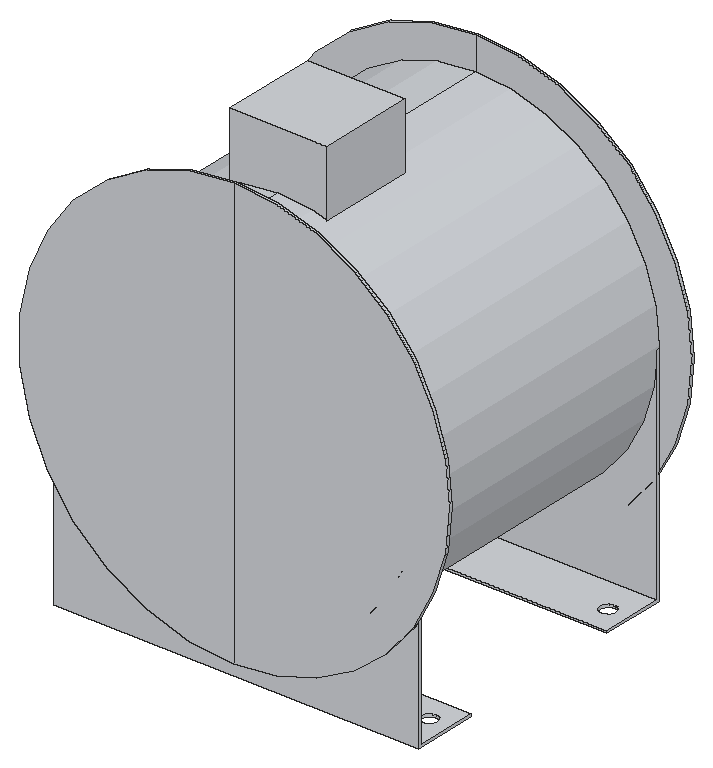
Revit family "JMv 315 - 630", category Mechanical Equipment, Revit 2014
Parameters (values of type "450  BT5")
  Wiring Diagram = ""
  Unit Width = 0 mm
  Unit Weight = 24.64 kg
  Unit Length = 375 mm
  Unit Height = 0 mm
  Total Weight = 0.00 kg
  T/Box 9 O'clock = no
  T/Box 3 O'clock = no
  T/Box 12 O'clock = yes
  Supply Diameter = 450 mm
  Smoke Control Flow rate Supply = 0 m³/h
  Size = 0
  SFP - W/(l/s) = 0
  Power = 0 kW
  Poles = 0
  Overall Width = 45 mm
  Product Number = ""
  Product Line = ""
  Outlet Sound Level - Lw dB(A) = 0
  Organisation = "Flakt Woods Group"
  O&M = ""
  Mounting Feet = yes
  Mounting = ""
  Material = Steel
  Overall Length = 1565.309 mm
  ItemRef = ""
  Installation Guide = ""
  Inlet Sound Level - Lw dB(A) = 0
  Velocity Supply = 0 m/s
  URL = "http://www.flaktwoods.com/"
  Type Comments = ""
  Total Pressure Supply = 0.00 Pa
  Starting Current = 0 A
  Static Pressure Supply = 0.00 Pa
  Smoke Control Flow rate Extract = 0 m³/h
  Smoke Control Time = 0 s
  Smoke Control Temperature = 0 °C
  Protective Earth = no
  Phase = ""
  Motor Rating = 0 kW
  Model = "Model/code"
  Minimum Operating Temperature = -20 °C
  Min Voltage = 380 V
  Maximum Operating Temperature = 60 °C
  Max Voltage = 420 V
  Manufacturer = "Flakt Woods Group"
  IP Rating = ""
  Overall Height = 0 mm
  Hub = 0
  Handing = ""
  GTIN NUMBER = ""
  Full Load Current = 0 A
  Frequency = 50 Hz
  Frame = ""
  Flange Size = 40 mm
  Flange Holes = ""
  Fitted Accessories = ""
  Finish = ""
  Feet Extrusion Start = Fan Radius - Supply Diameter  # -225 mm
  FanGroupID = ""
  Fan Speed - RPM = 0
  Fan Radius = Supply Diameter / 2  # 225 mm
  Fan Diameter / Size = "0000 mm"
  Fan Code = Model  # "Model/code"
  Extract Diameter = 0 mm
  ErP (FMEG) Rating - N = ""
  Enclosure = ""
  Electrical Power (Rated Power) = 0 kW
  Electrical Load (Input Power) = 0 kW
  Drive Type = ""
  Dimension P = 280 mm
  Dimension L/2 = (Dimension L) / 2  # 200 mm
  Dimension L = 400 mm
  Dimension K = 275 mm
  Dimension D = 297 mm
  Description = "0000 JM"
  Cost = 0
  Copyright = "Copyright Fläkt Woods Group 2003 - 2014"
  Control Type = ""
  Colour = ""
  Case = ""
  Brochure = ""
  Breakout Sound Level - Lw dB(A) = 0
  Blades = 0
  Blade Angle = 0.00°
  Annual Carbon Footprint = 0
  Air Flow Rate Supply = 0 m³/h
Types (50, lengths in mm): name | Unit Weight | Unit Length | Total Weight | Supply Diameter | Smoke Control Flow rate Supply | Overall Width | Overall Length | Velocity Supply | Static Pressure Supply | Hub | Flange Size | Flange Holes | Feet Extrusion Start | Fan Radius | Dimension P | Dimension L/2 | Dimension L | Dimension K | Dimension D
  (no name) | 24.64 kg | 375 | 0.00 kg | 450 | 0 m³/h | 45 | 1565.309 | 0 m/s | 0.00 Pa | 0 | 40 | "" | -225 | 225 | 280 | 200 | 400 | 275 | 297
  315 BT4 | 20.78 kg | 375 | 0.00 kg | 315 | 0 m³/h | 45 | 1565.309 | 0 m/s | 0.00 Pa | 0 | 40 | "" | -157.5 | 157.5 | 200 | 132.5 | 265 | 285 | 229.5
  315 BT5 | 21.28 kg | 375 | 0.00 kg | 315 | 0 m³/h | 45 | 1565.309 | 0 m/s | 0.00 Pa | 0 | 40 | "" | -157.5 | 157.5 | 200 | 132.5 | 265 | 285 | 229.5
  315 BT9 | 22.78 kg | 375 | 0.00 kg | 315 | 0 m³/h | 45 | 1565.309 | 0 m/s | 0.00 Pa | 0 | 40 | "" | -157.5 | 157.5 | 200 | 132.5 | 265 | 285 | 229.5
  315 CT5 | 23.76 kg | 375 | 0.00 kg | 315 | 0 m³/h | 45 | 1565.309 | 0 m/s | 0.00 Pa | 0 | 40 | "" | -157.5 | 157.5 | 200 | 132.5 | 265 | 285 | 229.5
  315 CT9 | 26.76 kg | 375 | 0.00 kg | 315 | 0 m³/h | 45 | 1565.309 | 0 m/s | 0.00 Pa | 0 | 40 | "" | -157.5 | 157.5 | 200 | 132.5 | 265 | 285 | 229.5
  315 80 | 32.52 kg | 375 | 0.00 kg | 315 | 0 m³/h | 45 | 1565.309 | 0 m/s | 0.00 Pa | 0 | 40 | "" | -157.5 | 157.5 | 200 | 132.5 | 265 | 285 | 229.5
  355 BT4 | 22.18 kg | 375 | 0.00 kg | 355 | 0 m³/h | 45 | 1565.309 | 0 m/s | 0.00 Pa | 0 | 40 | "" | -177.5 | 177.5 | 225 | 152.5 | 305 | 285 | 249.5
  355 BT5 | 22.68 kg | 375 | 0.00 kg | 355 | 0 m³/h | 45 | 1565.309 | 0 m/s | 0.00 Pa | 0 | 40 | "" | -177.5 | 177.5 | 225 | 152.5 | 305 | 285 | 249.5
  355 BT9 | 24.18 kg | 375 | 0.00 kg | 355 | 0 m³/h | 45 | 1565.309 | 0 m/s | 0.00 Pa | 0 | 40 | "" | -177.5 | 177.5 | 225 | 152.5 | 305 | 285 | 249.5
  355 CT5 | 25.32 kg | 375 | 0.00 kg | 355 | 0 m³/h | 45 | 1565.309 | 0 m/s | 0.00 Pa | 0 | 40 | "" | -177.5 | 177.5 | 225 | 152.5 | 305 | 285 | 249.5
  355 CT9 | 28.32 kg | 375 | 0.00 kg | 355 | 0 m³/h | 45 | 1565.309 | 0 m/s | 0.00 Pa | 0 | 40 | "" | -177.5 | 177.5 | 225 | 152.5 | 305 | 285 | 249.5
  355 80 | 34.28 kg | 375 | 0.00 kg | 355 | 0 m³/h | 45 | 1565.309 | 0 m/s | 0.00 Pa | 0 | 40 | "" | -177.5 | 177.5 | 225 | 152.5 | 305 | 285 | 249.5
  400 BT4 | 23.38 kg | 375 | 0.00 kg | 400 | 0 m³/h | 45 | 1565.309 | 0 m/s | 0.00 Pa | 0 | 40 | "" | -200 | 200 | 250 | 175 | 350 | 285 | 272
  400 BT5 | 23.88 kg | 375 | 0.00 kg | 400 | 0 m³/h | 45 | 1565.309 | 0 m/s | 0.00 Pa | 0 | 40 | "" | -200 | 200 | 250 | 175 | 350 | 285 | 272
  400  BT9 | 25.38 kg | 375 | 0.00 kg | 400 | 0 m³/h | 45 | 1565.309 | 0 m/s | 0.00 Pa | 0 | 40 | "" | -200 | 200 | 250 | 175 | 350 | 285 | 272
  400 CT5 | 26.24 kg | 375 | 0.00 kg | 400 | 0 m³/h | 45 | 1565.309 | 0 m/s | 0.00 Pa | 0 | 40 | "" | -200 | 200 | 250 | 175 | 350 | 285 | 272
  400 CT9 | 29.24 kg | 375 | 0.00 kg | 400 | 0 m³/h | 45 | 1565.309 | 0 m/s | 0.00 Pa | 0 | 40 | "" | -200 | 200 | 250 | 175 | 350 | 285 | 272
  400 80 | 34.96 kg | 375 | 0.00 kg | 400 | 0 m³/h | 45 | 1565.309 | 0 m/s | 0.00 Pa | 0 | 40 | "" | -200 | 200 | 250 | 175 | 350 | 285 | 272
  400 90 | 36.52 kg | 375 | 0.00 kg | 400 | 0 m³/h | 45 | 1565.309 | 0 m/s | 0.00 Pa | 0 | 40 | "" | -200 | 200 | 250 | 175 | 350 | 285 | 272
  450 BT4 | 24.14 kg | 375 | 0.00 kg | 450 | 0 m³/h | 45 | 1565.309 | 0 m/s | 0.00 Pa | 0 | 40 | "" | -225 | 225 | 280 | 200 | 400 | 275 | 297
  450  BT5 | 24.64 kg | 375 | 0.00 kg | 450 | 0 m³/h | 45 | 1565.309 | 0 m/s | 0.00 Pa | 0 | 40 | "" | -225 | 225 | 280 | 200 | 400 | 275 | 297
  450 BT9 | 26.14 kg | 375 | 0.00 kg | 450 | 0 m³/h | 45 | 1565.309 | 0 m/s | 0.00 Pa | 0 | 40 | "" | -225 | 225 | 280 | 200 | 400 | 275 | 297
  450 CT5 | 27.24 kg | 375 | 0.00 kg | 450 | 0 m³/h | 45 | 1565.309 | 0 m/s | 0.00 Pa | 0 | 40 | "" | -225 | 225 | 280 | 200 | 400 | 275 | 297
  450 CT9 | 30.24 kg | 375 | 0.00 kg | 450 | 0 m³/h | 50 | 755 | 0 m/s | 0.00 Pa | 0 | 40 | "" | -225 | 225 | 280 | 200 | 400 | 275 | 297
  450 80 | 36.08 kg | 375 | 0.00 kg | 450 | 0 m³/h | 45 | 1565.309 | 0 m/s | 0.00 Pa | 0 | 40 | "" | -225 | 225 | 280 | 200 | 400 | 275 | 297
  450 90 | 37.64 kg | 375 | 0.00 kg | 450 | 0 m³/h | 45 | 1565.309 | 0 m/s | 0.00 Pa | 0 | 40 | "" | -225 | 225 | 280 | 200 | 400 | 275 | 297
  500 CT5 | 46.16 kg | 520 | 0.00 kg | 500 | 0 m³/h | 45 | 1565.309 | 0 m/s | 0.00 Pa | 0 | 47 | "" | -250 | 250 | 315 | 225 | 450 | 420 | 322
  500 CT9 | 49.16 kg | 520 | 0.00 kg | 500 | 0 m³/h | 45 | 1565.309 | 0 m/s | 0.00 Pa | 0 | 47 | "" | -250 | 250 | 315 | 225 | 450 | 420 | 322
  500 80 | 54.84 kg | 520 | 0.00 kg | 500 | 0 m³/h | 45 | 1565.309 | 0 m/s | 0.00 Pa | 0 | 47 | "" | -250 | 250 | 315 | 225 | 450 | 420 | 322
  500 90 | 56.52 kg | 520 | 0.00 kg | 500 | 0 m³/h | 45 | 1565.309 | 0 m/s | 0.00 Pa | 0 | 47 | "" | -250 | 250 | 315 | 225 | 450 | 420 | 322
  500 F22 | 60.24 kg | 520 | 0.00 kg | 500 | 0 m³/h | 45 | 1565.309 | 0 m/s | 0.00 Pa | 0 | 47 | "" | -250 | 250 | 315 | 225 | 450 | 420 | 322
  500 100L | 68.24 kg | 520 | 0.00 kg | 500 | 0 m³/h | 45 | 1565.309 | 0 m/s | 0.00 Pa | 0 | 47 | "" | -250 | 250 | 315 | 225 | 450 | 420 | 322
  500 112M | 78.16 kg | 520 | 0.00 kg | 500 | 0 m³/h | 45 | 1565.309 | 0 m/s | 0.00 Pa | 0 | 47 | "" | -250 | 250 | 315 | 225 | 450 | 420 | 322
  560 CT5 | 51.06 kg | 520 | 0.00 kg | 560 | 0 m³/h | 45 | 1565.309 | 0 m/s | 0.00 Pa | 0 | 47 | "" | -280 | 280 | 355 | 255 | 510 | 420 | 352
  560 CT9 | 54.18 kg | 520 | 0.00 kg | 560 | 0 m³/h | 45 | 1565.309 | 0 m/s | 0.00 Pa | 0 | 47 | "" | -280 | 280 | 355 | 255 | 510 | 420 | 352
  560 80 | 59.42 kg | 520 | 0.00 kg | 560 | 0 m³/h | 45 | 1565.309 | 0 m/s | 0.00 Pa | 0 | 47 | "" | -280 | 280 | 355 | 255 | 510 | 420 | 352
  560 90 | 60.94 kg | 520 | 0.00 kg | 560 | 0 m³/h | 45 | 1565.309 | 0 m/s | 0.00 Pa | 0 | 47 | "" | -280 | 280 | 355 | 255 | 510 | 420 | 352
  560 F22 | 64.22 kg | 520 | 0.00 kg | 560 | 0 m³/h | 45 | 1565.309 | 0 m/s | 0.00 Pa | 0 | 47 | "" | -280 | 280 | 355 | 255 | 510 | 420 | 352
  560 100L | 72.22 kg | 520 | 0.00 kg | 560 | 0 m³/h | 45 | 1565.309 | 0 m/s | 0.00 Pa | 0 | 47 | "" | -280 | 280 | 355 | 255 | 510 | 420 | 352
  560 112M | 82.54 kg | 520 | 0.00 kg | 560 | 0 m³/h | 45 | 1565.309 | 0 m/s | 0.00 Pa | 0 | 47 | "" | -280 | 280 | 355 | 255 | 510 | 420 | 352
  630 CT5 | 69.58 kg | 520 | 0.00 kg | 630 | 0 m³/h | 45 | 1565.309 | 0 m/s | 0.00 Pa | 0 | 47 | "" | -315 | 315 | 400 | 290 | 580 | 400 | 387
  630 CT9 | 72.62 kg | 520 | 0.00 kg | 630 | 0 m³/h | 45 | 1565.309 | 0 m/s | 0.00 Pa | 0 | 47 | "" | -315 | 315 | 400 | 290 | 580 | 400 | 387
  630 80 | 78.06 kg | 520 | 0.00 kg | 630 | 0 m³/h | 45 | 1565.309 | 0 m/s | 0.00 Pa | 0 | 47 | "" | -315 | 315 | 400 | 290 | 580 | 400 | 387
  630 90 | 79.66 kg | 520 | 0.00 kg | 630 | 0 m³/h | 45 | 1565.309 | 0 m/s | 0.00 Pa | 0 | 47 | "" | -315 | 315 | 400 | 290 | 580 | 400 | 387
  630 F22 | 82.82 kg | 520 | 0.00 kg | 630 | 0 m³/h | 45 | 1565.309 | 0 m/s | 0.00 Pa | 0 | 47 | "" | -315 | 315 | 400 | 290 | 580 | 400 | 387
  630 100L | 90.78 kg | 520 | 0.00 kg | 630 | 0 m³/h | 45 | 1565.309 | 0 m/s | 0.00 Pa | 0 | 47 | "" | -315 | 315 | 400 | 290 | 580 | 400 | 387
  630 112M | 101.30 kg | 520 | 0.00 kg | 630 | 0 m³/h | 45 | 1565.309 | 0 m/s | 0.00 Pa | 0 | 47 | "" | -315 | 315 | 400 | 290 | 580 | 400 | 387
  HT900 132 | 235.00 kg | 755 | 235.00 kg | 900 | 36900 m³/h | 900 | 755 | 16.3 m/s | 204.00 Pa | 315 | 50 | "16" | -450 | 450 | 518 | 25 | 50 | 400 | 555
  400 BT9 | 25.38 kg | 375 | 0.00 kg | 400 | 0 m³/h | 45 | 1565.309 | 0 m/s | 0.00 Pa | 0 | 40 | "" | -200 | 200 | 250 | 175 | 350 | 285 | 272
Reference planes
  plane 1: y = -271.909
  plane 2 "Centre Line 1": x = 39.766
  plane 3: y = -84.409
  plane 4: y = -459.409
  plane 5: y = -87.409
  plane 6: y = -456.409
  plane 7: z = 225
  plane 8: z = 265
  plane 9: y = -409.409
  plane 10: y = -289.409
  plane 11: z = 297
  plane 12: x = -20.234
  plane 13: x = 99.766
  plane 14: x = -30.234
  plane 15: y = -349.409
  plane 16: y = -324.409
  plane 17: y = -374.409
  plane 18: z = 272
  plane 19: x = -257.234
  plane 20: x = 336.766
  plane 21: z = 60
  plane 22: z = -60
  plane 23: z = 70
  plane 24: z = -70
  plane 25: x = -232.234
  plane 26: x = 311.766
  plane 27 "Feet Bottom": z = -280
  plane 28: y = -90.409
  plane 29: y = -453.409
  plane 30: z = -277
  plane 31: y = -167.409
  plane 32: y = -376.409
  plane 33: y = -134.409
  plane 34: y = -409.409
  plane 35: x = -160.234
  plane 36: x = 239.766
Forms (mm)
  Revolve 1, solid
    sketch origin (39.766, 0, 0) x (0, 1, 0) y (0, 0, 1)
      loop
        line (-84.409, 265) -> (-87.409, 265) -> (-87.409, 225) -> (-456.409, 225) -> (-456.409, 265) -> (-459.409, 265) -> (-459.409, 0) -> (-84.409, 0) -> (-84.409, 265)
      axis (-84.409, 0) -> (-459.409, 0)
    angle from 0 to 360
  Extrusion 2, solid, visible <- "T/Box 12 O'clock"
    sketch origin (0, 17.5, 0) x (1, 0, 0) y (0, 1, 0)
      loop
        line (-20.234, -289.409) -> (-20.234, -409.409) -> (99.766, -409.409) -> (99.766, -289.409) -> (-20.234, -289.409)
    from 0 to 297
  Extrusion 3, solid, visible <- "T/Box 12 O'clock"
    sketch origin (39.766, 19.596, 0) x (0, 1, 0) y (0, 0, 1)
      loop
        circle (-324.409, 272) r 10
      loop
        circle (-374.409, 272) r 10
    from 0 to -70
  Extrusion 4, solid, not visible
    sketch origin (0, 0, 0) x (1, 0, 0) y (0, 1, 0)
      loop
        line (-20.234, -278.409) -> (-20.234, -398.409) -> (99.766, -398.409) -> (99.766, -278.409) -> (-20.234, -278.409)
    from 0 to 229.5
  Extrusion 5, solid, not visible
    sketch origin (39.766, 0, 0) x (0, 1, 0) y (0, 0, 1)
      loop
        circle (-313.409, 204.5) r 10
      loop
        circle (-363.409, 204.5) r 10
    from 0 to -70
  Extrusion 6, solid, not visible
    sketch origin (0, 0, 0) x (1, 0, 0) y (0, 1, 0)
      loop
        line (-20.234, -278.409) -> (-20.234, -398.409) -> (99.766, -398.409) -> (99.766, -278.409) -> (-20.234, -278.409)
    from 0 to 229.5
  Extrusion 7, solid, not visible
    sketch origin (39.766, 0, 0) x (0, 1, 0) y (0, 0, 1)
      loop
        circle (-313.409, 204.5) r 10
      loop
        circle (-363.409, 204.5) r 10
    from 0 to -70
  Extrusion 8, solid, not visible
    sketch origin (0, 0, 0) x (1, 0, 0) y (0, 1, 0)
      loop
        line (-20.234, -278.409) -> (-20.234, -398.409) -> (99.766, -398.409) -> (99.766, -278.409) -> (-20.234, -278.409)
    from 0 to 229.5
  Extrusion 9, solid, not visible
    sketch origin (39.766, 0, 0) x (0, 1, 0) y (0, 0, 1)
      loop
        circle (-313.409, 204.5) r 10
      loop
        circle (-363.409, 204.5) r 10
    from 0 to -70
  Extrusion 10, solid, visible <- "Mounting Feet"
    sketch origin (39.766, 0, 0) x (0, 1, 0) y (0, 0, 1)
      loop
        line (-87.409, 0) -> (-90.409, 0) -> (-90.409, -277) -> (-167.409, -277) -> (-167.409, -280) -> (-87.409, -280) -> (-87.409, 0)
      loop
        line (-456.409, 0) -> (-456.409, -280) -> (-376.409, -280) -> (-376.409, -277) -> (-453.409, -277) -> (-453.409, 0) -> (-456.409, 0)
    from -225 <- "Feet Extrusion Start" to 225 <- "Fan Radius"
  Extrusion 11, void
    sketch origin (0, 0, -280) x (0, 1, 0) y (-1, 0, 0)
      loop
        circle (-134.409, 160.234) r 10
      loop
        circle (-134.409, -239.766) r 10
      loop
        circle (-409.409, 160.234) r 10
      loop
        circle (-409.409, -239.766) r 10
    from 0 to 3
Cuts and joins
  Extrusion 11 cuts Revolve 1
  Extrusion 11 cuts Extrusion 10
Dimensions and locks
  equal spacing: plane 3, plane 1, plane 4
  "Unit Length": plane 3 to plane 4
  locked: plane 3 to plane 5 at 3
  locked: plane 6 to plane 4 at 3
  "Fan Radius": plane 7 to level
  "Flange Size": plane 8 to plane 7
  locked: plane 10 to plane 9 at 120
  locked: plane 9 to plane 4 at 50
  "Dimension D": plane 11 to level
  equal spacing: plane 12, plane 2 "Centre Line 1", plane 13
  locked: plane 12 to plane 13 at 120
  locked: plane 14 to plane 12 at 10
  equal spacing: plane 10, plane 15, plane 9
  locked: plane 16 to plane 15 at 25
  locked: plane 15 to plane 17 at 25
  locked: plane 11 to plane 18 at 25
  "Dimension D": plane 19 to plane 2 "Centre Line 1"
  "Dimension D": plane 2 "Centre Line 1" to plane 20
  equal spacing: plane 21, level, plane 22
  locked: plane 21 to plane 22 at 120
  locked: plane 23 to plane 21 at 10
  locked: plane 22 to plane 24 at 10
  locked: plane 19 to plane 25 at 25
  locked: plane 26 to plane 20 at 25
  locked: plane 5 to plane 28 at 3
  locked: plane 29 to plane 6 at 3
  locked: plane 30 to plane 27 "Feet Bottom" at 3
  locked: plane 5 to plane 31 at 80
  locked: plane 32 to plane 6 at 80
  "Dimension P": level to plane 27 "Feet Bottom"
  equal spacing: plane 33, plane 1, plane 34
  "Dimension K": plane 33 to plane 34
  "Dimension L": plane 35 to plane 36
  "Dimension L/2": plane 35 to plane 2 "Centre Line 1"
  aligned and locked: Revolve 1 sketch curve to plane 3
  aligned and locked: plane 8 to Revolve 1 sketch curve  (x2)
  aligned and locked: plane 5 to Revolve 1 sketch curve
  aligned and locked: Revolve 1 sketch curve to level  (x2)
  aligned and locked: plane 4 to Revolve 1 sketch curve
  aligned and locked: Revolve 1 sketch curve to plane 6
  aligned and locked: plane 7 to Revolve 1 sketch curve
  aligned and locked: plane 11 to Extrusion 2
  aligned and locked: Extrusion 3 to plane 14
  aligned and locked: level to Extrusion 10 sketch curve
  aligned and locked: Extrusion 10 sketch curve to level
  aligned and locked: Extrusion 10 sketch curve to plane 6
  aligned and locked: plane 27 "Feet Bottom" to Extrusion 10 sketch curve
  aligned and locked: Extrusion 10 sketch curve to plane 30
  aligned and locked: plane 32 to Extrusion 10 sketch curve
  aligned and locked: plane 29 to Extrusion 10 sketch curve
  aligned and locked: Extrusion 10 sketch curve to plane 27 "Feet Bottom"
  aligned and locked: plane 31 to Extrusion 10 sketch curve
  aligned and locked: plane 30 to Extrusion 10 sketch curve
  aligned and locked: Extrusion 10 sketch curve to plane 5
  aligned and locked: plane 28 to Extrusion 10 sketch curve
  aligned and locked: plane 35 to Extrusion 11 sketch curve  (x2)
  aligned and locked: plane 33 to Extrusion 11 sketch curve  (x2)
  aligned and locked: plane 36 to Extrusion 11 sketch curve  (x2)
  aligned and locked: plane 34 to Extrusion 11 sketch curve  (x2)
Automatic sketch dimensions
  plane 4 to Revolve 1 sketch curve = 92.632 mm
  Revolve 1 sketch curve to plane 3 = 97.368 mm
  Extrusion 2 sketch curve to Extrusion 2 sketch curve = 120 mm  (x2)
  Extrusion 3 sketch curve to Extrusion 3 sketch curve = 50 mm
  Extrusion 3 sketch curve to Extrusion 3 sketch curve = 0 mm
  Extrusion 4 sketch curve to Extrusion 4 sketch curve = 120 mm  (x2)
  Extrusion 5 sketch curve to Extrusion 5 sketch curve = 50 mm
  Extrusion 5 sketch curve to Extrusion 5 sketch curve = 0 mm
  Extrusion 6 sketch curve to Extrusion 6 sketch curve = 120 mm  (x2)
  Extrusion 7 sketch curve to Extrusion 7 sketch curve = 50 mm
  Extrusion 7 sketch curve to Extrusion 7 sketch curve = 0 mm
  Extrusion 8 sketch curve to Extrusion 8 sketch curve = 120 mm  (x2)
  Extrusion 9 sketch curve to Extrusion 9 sketch curve = 50 mm
  Extrusion 9 sketch curve to Extrusion 9 sketch curve = 0 mm
  Extrusion 2 sketch curve to plane 9 = 17.5 mm
  Extrusion 2 sketch curve to plane 12 = 0 mm
  Extrusion 3 sketch curve to plane 17 = 19.596 mm
  Extrusion 3 sketch curve to plane 18 = 0 mm
  radius of Extrusion 3 sketch curve = 10 mm  (x2)
  radius of Extrusion 5 sketch curve = 10 mm  (x2)
  radius of Extrusion 7 sketch curve = 10 mm  (x2)
  radius of Extrusion 9 sketch curve = 10 mm  (x2)
  radius of Extrusion 11 sketch curve = 10 mm  (x4)
Connectors
  hvac at (39.766, -84.409, 0), driven by "Supply Diameter"
    settings: on Revolve 1, index 1, duct flow 0 m³/h, flow factor 0, pres drop 0.00 Pa, loss coef 0, conn angle 0.00°, conn width 304.8 mm, conn height 304.8 mm, conn diameter 450 mm, duct sys type 1, conn prof type 0, flow config 0, flow direction 0, loss method 0, conn ref index -1, conn util no, is conn primary yes, conn desc ""
  hvac at (39.766, -459.409, 0), driven by "Supply Diameter"
    settings: on Revolve 1, index 2, duct flow 0 m³/h, flow factor 0, pres drop 0.00 Pa, loss coef 0, conn angle 0.00°, conn width 304.8 mm, conn height 304.8 mm, conn diameter 450 mm, duct sys type 3, conn prof type 0, flow config 0, flow direction 0, loss method 0, conn ref index -1, conn util no, is conn primary no, conn desc ""
  electrical at (-30.234, -304.813, 272)
    settings: on Extrusion 3, index 3, voltage 0 V, apparent load 0 VA, apparent load phase1 0 VA, apparent load phase2 0 VA, apparent load phase3 0 VA, power factor 1, load classification "Other", number of poles 1, system type 30, power factor state 1, is connector primary yes, connector utility no, sub classification motor no, connector description ""
  electrical at (-30.234, -354.813, 272)
    settings: on Extrusion 3, index 4, voltage 0 V, apparent load 0 VA, apparent load phase1 0 VA, apparent load phase2 0 VA, apparent load phase3 0 VA, power factor 1, load classification "Other", number of poles 1, system type 13, power factor state 1, is connector primary no, connector utility no, sub classification motor no, connector description ""
